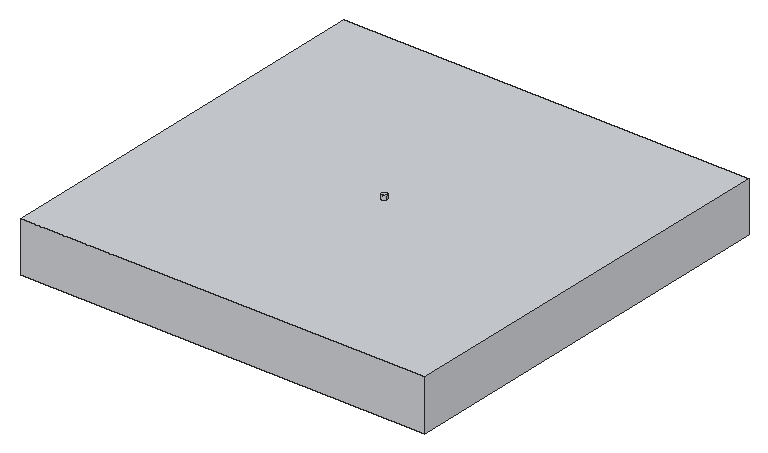
Revit family "M_Conector de tubulação - Água gelada doméstica - Equipamento hidráulico", category Equipamento mecânico, Revit 2019
Family settings
  Hospedeiro = Face
  Cota do conector redondo = Usar raio
  Tipo de parte = Normal
  Número OmniClass = 23.65.00.00
  Título OmniClass = Supply and Distribution of Liquids and Gases
  ID de item do Seek = Pipe Connector - Domestic Cold Water - Plumbing Equipment-0000-CAN-ENU
  Corte com vazios quando carregada = Não
  Compartilhado = Não
  Ponto de cálculo do ambiente = Não
Parameters (values of type "Padrão")
  Raio nominal [instance] = 15 mm
  Diâmetro nominal [instance] = Raio nominal * 2  # 30 mm
  Espessura [instance] = 25.4 mm
  Fluxo [instance] = 0.63 L/s
  Default Elevation = 0 mm
Reference planes
  plane 1 "Centro (Frente/Trás)": y = 0
  plane 2: z = 0
  plane 3 "Centro (Esquerda/Direita)": x = 0
  plane 4: z = 25.4
Forms (mm)
  Extrusion 1, solid
    sketch origin (0, 0, 0) x (1, 0, 0) y (0, 1, 0)
      loop
        line (-1219.2, 1219.2) -> (-1219.2, -1219.2) -> (1219.2, -1219.2) -> (1219.2, 1219.2) -> (-1219.2, 1219.2)
    from 0 to -304.8
  Extrusion 2, solid
    sketch origin (0, 0, 0) x (1, 0, 0) y (0, 1, 0)
      loop
        circle (0, 0) r 15
    from 0 to 25.4
Dimensions and locks
  "Espessura": plane 4 to plane 2
  "Raio nominal": radius of Extrusion 2 sketch curve
  aligned and locked: plane 2 to Extrusion 1
  aligned and locked: level to Extrusion 1
  aligned and locked: plane 1 "Centro (Frente/Trás)" to Extrusion 2 sketch curve
  aligned and locked: plane 4 to Extrusion 2
Automatic sketch dimensions
  Extrusion 1 sketch curve to Extrusion 1 sketch curve = 2438.4 mm  (x2)
  Extrusion 2 sketch curve to plane 3 "Centro (Esquerda/Direita)" = 0 mm
Connectors
  piping at (0, 0, 25.4), diameter 30, driven by "Fluxo", driven by "Raio nominal"
    settings: on Extrusion 2, index 1, connector inside diameter 30 mm, connector length 0 mm, flow factor 0, pipe flow 0.63 L/s, pressure drop 0.0 Pa, fitting loss kfactor 0, connector angle 0.00°, fixture units 0, engagement length 0 mm, angle of deflection 0.00°, flow configuration 1, flow direction 1, fitting loss method 0, system type 20, joint type 0, gender type 0, connector reference index -1, connector utility 0, adjustable connector no, is connector primary yes, connector description ""
